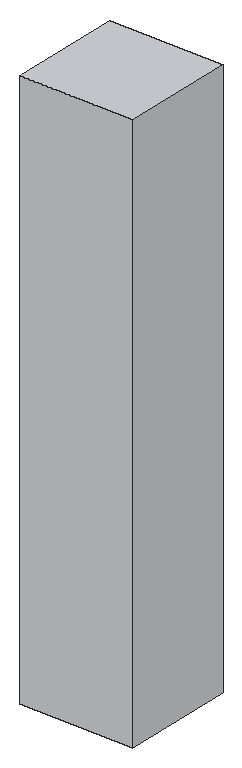
Revit family "KG_Saeulen-Lautsprecher_V1700", category Kommunikationsgeräte, Revit 2017
Family settings
  Beschriftungsausrichtung beibehalten = Nein
  Bemaßung runder Anschluss = Durchmesser verwenden
  Teiletyp = Normal
  OmniClass-Nummer = 23.85.10.11.11.21
  OmniClass-Titel = Speakers
  Arbeitsebenenbasiert = Nein
  Immer vertikal = Ja
  Beim Laden mit Abzugskörper schneiden = Nein
  Gemeinsam genutzt = Nein
  Raumberechnungspunkt = Nein
Parameters (values of type "ELA")
  pbr_Material_KZ = ""
  pbr_Material = none
  pbr_E_Typ = ""
  pbr_E_KZ = ""
  pbr_DINBild = 0
  pbr_Bild = 0
  pbr_3Dx_Delta_Korrekturversatz [instance] = 0 mm
  pbr_3DX_Versatzfaktor [instance] = 0
  pbr_2DY_Versatzfaktor [instance] = 0
  pbr_2DX_Versatzfaktor [instance] = 0
  lfd_STRK [instance] = 0
  cpiFitMatchKey [instance] = "E-EMO3"
  Zentrale [instance] = ""
  YFrontversatz [instance] = if(pbr_2DY_Versatzfaktor = 300, 0 mm, pbr_2DY_Versatzfaktor * 300 mm)  # 0 mm
  XSeitenversatz [instance] = if(pbr_2DX_Versatzfaktor = 0, 3000 mm, 3000 mm + (pbr_2DX_Versatzfaktor * 300 mm)) + Eckversatz  # 3000 mm
  X3Dversatz [instance] = 0 mm
  Typ [instance] = ""
  Tiefe = 100 mm
  Text3 [instance] = ""
  Text2 [instance] = ""
  Text1 [instance] = ""
  Säulenlautsprecher = yes
  Planungsbüro Rohling = "www.pbr.de"
  Niveau [instance] = 0 mm
  Netzart = ""
  Menge(Dosenzahl) [instance] = 0
  Länge = 100 mm
  Linie/Anschluss [instance] = ""
  Linie [instance] = ""
  Lastklassifizierung = none
  Installationsart [instance] = ""
  Info [instance] = ""
  Höhe = 500 mm
  Gewerk [instance] = "ELA"
  Eckversatz = 0 mm
  Bus [instance] = ""
  Betriebsstrom ruhe [instance] = 0
  Betriebsstrom max [instance] = 0
  3DX_Versatzkontrolle [instance] = if(pbr_3DX_Versatzfaktor = 0, (pbr_2DX_Versatzfaktor * -1), (((-1 * pbr_3DX_Versatzfaktor) + pbr_2DX_Versatzfaktor) * -1))  # 0
  3DX_Versatz [instance] = 0 mm
Types (2, lengths in mm): name | Gewerk
  ELA | "ELA"
  SPA | "SPA"
Reference planes
  plane 1 "Mitte (Vorne/Hinten)": y = 0
  plane 2: z = 0
  plane 3 "Mitte (Links/Rechts)": x = 0
  plane 4: z = 500
  plane 5: y = 50
  plane 6: x = -50
  plane 7: x = 50
  plane 8: y = -50
Forms (mm)
  Sweep 1, solid
    path origin (0, 0, 0) x (1, 0, 0) y (0, 0, 1)
      loop
        line (0, 0) -> (0, 500)
    profile origin (0, 0, 250) x (-1, 0, 0) y (0, -1, 0)
      loop
        line (50, 50) -> (-50, 50) -> (-50, -50) -> (50, -50) -> (50, 50)
Dimensions and locks
  "Höhe": plane 4 to level
  equal spacing: plane 6, plane 3 "Mitte (Links/Rechts)", plane 7
  "Länge": plane 6 to plane 7
  equal spacing: plane 5, plane 1 "Mitte (Vorne/Hinten)", plane 8
  "Tiefe": plane 5 to plane 8
  aligned and locked: level to plane 2
  aligned and locked: plane 4 to Sweep 1 sketch curve
  aligned and locked: level to Sweep 1 sketch curve
  aligned and locked: plane 5 to Sweep 1 sketch curve
  aligned and locked: plane 7 to Sweep 1 sketch curve
  aligned and locked: Sweep 1 sketch curve to plane 8
  aligned and locked: Sweep 1 sketch curve to plane 6
Automatic sketch dimensions
  Sweep 1 sketch curve to plane 3 "Mitte (Links/Rechts)" = 0 mm
Nested families
  nested 1: "Säulen-Lautsprecher" at (0, 0, 0), visible <- "Säulenlautsprecher", type "Säulen-Lautsprecher"
Connectors
  electrical at (0, 0, 0)
    settings: on Sweep 1, index 1, voltage 230 V, apparent load 3000 VA, apparent load phase1 0 VA, apparent load phase2 0 VA, apparent load phase3 0 VA, power factor 1, load classification "Motor", number of poles 1, system type 14, power factor state 1, is connector primary yes, connector utility no, sub classification motor yes, connector description ""
Definition of nested family "Säulen-Lautsprecher"
  Parameters (values of type "Säulen-Lautsprecher")
    Lautsprecherampel = yes
    Lautsprecher = yes
    Design-Lautsprecher = yes
    Anbau-Lautsprecher Typ A = yes
  Reference planes
    plane 1 "Mitte (Vorne/Hinten)": y = 0
    plane 2: z = 0
    plane 3 "Mitte (Links/Rechts)": x = 0
  Lines and regions (mm)
    detail lines, in view "Referenzebene"
      curve 1: line (-139.279, 183.113, 0) -> (-35.599, 183.113, 0)
      curve 2: line (-35.599, 183.113, 0) -> (-35.599, 79.433, 0)
      curve 3: line (-35.599, 79.433, 0) -> (-139.279, 79.433, 0)
      curve 4: line (-139.279, 79.433, 0) -> (-139.279, 183.113, 0)
      curve 5: line (-35.599, 183.113, 0) -> (141.398, 249.391, 0)
      curve 6: line (141.398, 249.391, 0) -> (141.398, 13.127, 0)
      curve 7: line (141.398, 13.127, 0) -> (-35.599, 79.433, 0)
      curve 8: line (-150.799, 0, 0) -> (-150.799, 436.379, 0)
      curve 9: line (-150.799, 436.379, 0) -> (161.065, 436.379, 0)
      curve 10: line (161.065, 436.379, 0) -> (161.065, 0, 0)
      curve 11: line (161.065, 0, 0) -> (-150.799, 0, 0)
